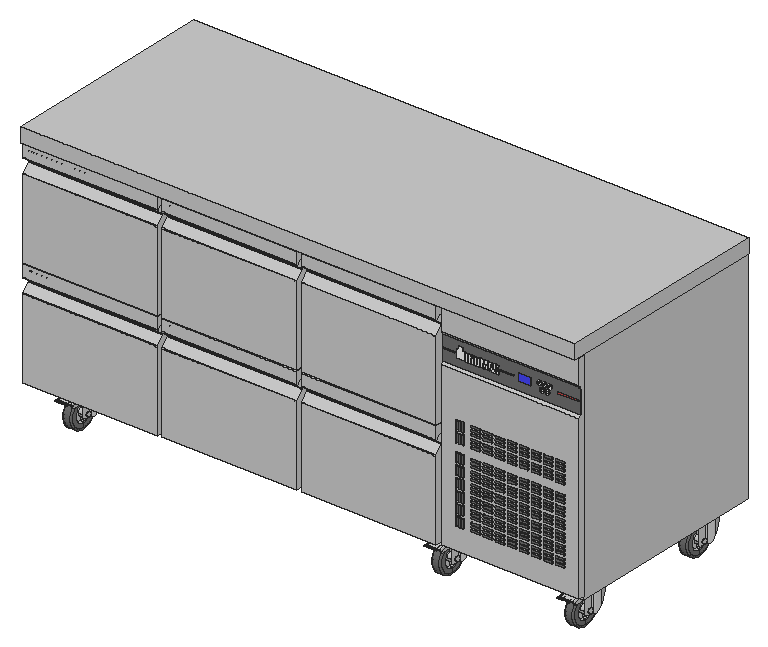
Revit family "QF_INOMAK_PNRP999_250513020157", category Specialty Equipment, Revit 2021 (continued)
Definition of nested family "QF_INOMAK_REF_COUNTERS_1790_2920"
  Definition of nested family "QF_INOMAK_CONRTOL-PANEL"
    Forms (mm)
      Extrusion 1, solid
        sketch origin (-2240, -700, 0) x (-1, 0, 0) y (0, 0, 1)
          loop
            arc (-2035.4, 210.855) -> (-2038.4, 207.855) -> (-2035.4, 204.855) r 3
            line (-2035.4, 204.855) -> (-2011.4, 204.855)
            arc (-2011.4, 204.855) -> (-2008.4, 207.855) -> (-2011.4, 210.855) r 3
            line (-2011.4, 210.855) -> (-2035.4, 210.855)
          loop
            arc (-1996.4, 210.855) -> (-1999.4, 207.855) -> (-1996.4, 204.855) r 3
            line (-1996.4, 204.855) -> (-1972.4, 204.855)
            arc (-1972.4, 204.855) -> (-1969.4, 207.855) -> (-1972.4, 210.855) r 3
            line (-1972.4, 210.855) -> (-1996.4, 210.855)
          loop
            arc (-1957.4, 210.855) -> (-1960.4, 207.855) -> (-1957.4, 204.855) r 3
            line (-1957.4, 204.855) -> (-1933.4, 204.855)
            arc (-1933.4, 204.855) -> (-1930.4, 207.855) -> (-1933.4, 210.855) r 3
            line (-1933.4, 210.855) -> (-1957.4, 210.855)
          loop
            arc (-1918.4, 210.855) -> (-1921.4, 207.855) -> (-1918.4, 204.855) r 3
            line (-1918.4, 204.855) -> (-1894.4, 204.855)
            arc (-1894.4, 204.855) -> (-1891.4, 207.855) -> (-1894.4, 210.855) r 3
            line (-1894.4, 210.855) -> (-1918.4, 210.855)
          loop
            arc (-2191.4, 199.855) -> (-2194.4, 196.855) -> (-2191.4, 193.855) r 3
            line (-2191.4, 193.855) -> (-2167.4, 193.855)
            arc (-2167.4, 193.855) -> (-2164.4, 196.855) -> (-2167.4, 199.855) r 3
            line (-2167.4, 199.855) -> (-2191.4, 199.855)
          loop
            arc (-2152.4, 199.855) -> (-2155.4, 196.855) -> (-2152.4, 193.855) r 3
            line (-2152.4, 193.855) -> (-2128.4, 193.855)
            arc (-2128.4, 193.855) -> (-2125.4, 196.855) -> (-2128.4, 199.855) r 3
            line (-2128.4, 199.855) -> (-2152.4, 199.855)
          loop
            arc (-2113.4, 199.855) -> (-2116.4, 196.855) -> (-2113.4, 193.855) r 3
            line (-2113.4, 193.855) -> (-2089.4, 193.855)
            arc (-2089.4, 193.855) -> (-2086.4, 196.855) -> (-2089.4, 199.855) r 3
            line (-2089.4, 199.855) -> (-2113.4, 199.855)
          loop
            arc (-2074.4, 199.855) -> (-2077.4, 196.855) -> (-2074.4, 193.855) r 3
            line (-2074.4, 193.855) -> (-2050.4, 193.855)
            arc (-2050.4, 193.855) -> (-2047.4, 196.855) -> (-2050.4, 199.855) r 3
            line (-2050.4, 199.855) -> (-2074.4, 199.855)
          loop
            arc (-2035.4, 199.855) -> (-2038.4, 196.855) -> (-2035.4, 193.855) r 3
            line (-2035.4, 193.855) -> (-2011.4, 193.855)
            arc (-2011.4, 193.855) -> (-2008.4, 196.855) -> (-2011.4, 199.855) r 3
            line (-2011.4, 199.855) -> (-2035.4, 199.855)
          loop
            arc (-1996.4, 199.855) -> (-1999.4, 196.855) -> (-1996.4, 193.855) r 3
            line (-1996.4, 193.855) -> (-1972.4, 193.855)
            arc (-1972.4, 193.855) -> (-1969.4, 196.855) -> (-1972.4, 199.855) r 3
            line (-1972.4, 199.855) -> (-1996.4, 199.855)
          loop
            arc (-1957.4, 199.855) -> (-1960.4, 196.855) -> (-1957.4, 193.855) r 3
            line (-1957.4, 193.855) -> (-1933.4, 193.855)
            arc (-1933.4, 193.855) -> (-1930.4, 196.855) -> (-1933.4, 199.855) r 3
            line (-1933.4, 199.855) -> (-1957.4, 199.855)
          loop
            arc (-1918.4, 199.855) -> (-1921.4, 196.855) -> (-1918.4, 193.855) r 3
            line (-1918.4, 193.855) -> (-1894.4, 193.855)
            arc (-1894.4, 193.855) -> (-1891.4, 196.855) -> (-1894.4, 199.855) r 3
            line (-1894.4, 199.855) -> (-1918.4, 199.855)
          loop
            arc (-2191.4, 184.855) -> (-2194.4, 181.855) -> (-2191.4, 178.855) r 3
            line (-2191.4, 178.855) -> (-2167.4, 178.855)
            arc (-2167.4, 178.855) -> (-2164.4, 181.855) -> (-2167.4, 184.855) r 3
            line (-2167.4, 184.855) -> (-2191.4, 184.855)
          loop
            arc (-2152.4, 184.855) -> (-2155.4, 181.855) -> (-2152.4, 178.855) r 3
            line (-2152.4, 178.855) -> (-2128.4, 178.855)
            arc (-2128.4, 178.855) -> (-2125.4, 181.855) -> (-2128.4, 184.855) r 3
            line (-2128.4, 184.855) -> (-2152.4, 184.855)
          loop
            arc (-2113.4, 184.855) -> (-2116.4, 181.855) -> (-2113.4, 178.855) r 3
            line (-2113.4, 178.855) -> (-2089.4, 178.855)
            arc (-2089.4, 178.855) -> (-2086.4, 181.855) -> (-2089.4, 184.855) r 3
            line (-2089.4, 184.855) -> (-2113.4, 184.855)
          loop
            arc (-2074.4, 184.855) -> (-2077.4, 181.855) -> (-2074.4, 178.855) r 3
            line (-2074.4, 178.855) -> (-2050.4, 178.855)
            arc (-2050.4, 178.855) -> (-2047.4, 181.855) -> (-2050.4, 184.855) r 3
            line (-2050.4, 184.855) -> (-2074.4, 184.855)
          loop
            arc (-2035.4, 184.855) -> (-2038.4, 181.855) -> (-2035.4, 178.855) r 3
            line (-2035.4, 178.855) -> (-2011.4, 178.855)
            arc (-2011.4, 178.855) -> (-2008.4, 181.855) -> (-2011.4, 184.855) r 3
            line (-2011.4, 184.855) -> (-2035.4, 184.855)
          loop
            arc (-1996.4, 184.855) -> (-1999.4, 181.855) -> (-1996.4, 178.855) r 3
            line (-1996.4, 178.855) -> (-1972.4, 178.855)
            arc (-1972.4, 178.855) -> (-1969.4, 181.855) -> (-1972.4, 184.855) r 3
            line (-1972.4, 184.855) -> (-1996.4, 184.855)
          loop
            arc (-1957.4, 184.855) -> (-1960.4, 181.855) -> (-1957.4, 178.855) r 3
            line (-1957.4, 178.855) -> (-1933.4, 178.855)
            arc (-1933.4, 178.855) -> (-1930.4, 181.855) -> (-1933.4, 184.855) r 3
            line (-1933.4, 184.855) -> (-1957.4, 184.855)
          loop
            arc (-1918.4, 184.855) -> (-1921.4, 181.855) -> (-1918.4, 178.855) r 3
            line (-1918.4, 178.855) -> (-1894.4, 178.855)
            arc (-1894.4, 178.855) -> (-1891.4, 181.855) -> (-1894.4, 184.855) r 3
            line (-1894.4, 184.855) -> (-1918.4, 184.855)
          loop
            arc (-2191.4, 173.855) -> (-2194.4, 170.855) -> (-2191.4, 167.855) r 3
            line (-2191.4, 167.855) -> (-2167.4, 167.855)
            arc (-2167.4, 167.855) -> (-2164.4, 170.855) -> (-2167.4, 173.855) r 3
            line (-2167.4, 173.855) -> (-2191.4, 173.855)
          loop
            arc (-2152.4, 173.855) -> (-2155.4, 170.855) -> (-2152.4, 167.855) r 3
            line (-2152.4, 167.855) -> (-2128.4, 167.855)
            arc (-2128.4, 167.855) -> (-2125.4, 170.855) -> (-2128.4, 173.855) r 3
            line (-2128.4, 173.855) -> (-2152.4, 173.855)
          loop
            arc (-2113.4, 173.855) -> (-2116.4, 170.855) -> (-2113.4, 167.855) r 3
            line (-2113.4, 167.855) -> (-2089.4, 167.855)
            arc (-2089.4, 167.855) -> (-2086.4, 170.855) -> (-2089.4, 173.855) r 3
            line (-2089.4, 173.855) -> (-2113.4, 173.855)
          loop
            arc (-2074.4, 173.855) -> (-2077.4, 170.855) -> (-2074.4, 167.855) r 3
            line (-2074.4, 167.855) -> (-2050.4, 167.855)
            arc (-2050.4, 167.855) -> (-2047.4, 170.855) -> (-2050.4, 173.855) r 3
            line (-2050.4, 173.855) -> (-2074.4, 173.855)
          loop
            arc (-2035.4, 173.855) -> (-2038.4, 170.855) -> (-2035.4, 167.855) r 3
            line (-2035.4, 167.855) -> (-2011.4, 167.855)
            arc (-2011.4, 167.855) -> (-2008.4, 170.855) -> (-2011.4, 173.855) r 3
            line (-2011.4, 173.855) -> (-2035.4, 173.855)
          loop
            arc (-1996.4, 173.855) -> (-1999.4, 170.855) -> (-1996.4, 167.855) r 3
            line (-1996.4, 167.855) -> (-1972.4, 167.855)
            arc (-1972.4, 167.855) -> (-1969.4, 170.855) -> (-1972.4, 173.855) r 3
            line (-1972.4, 173.855) -> (-1996.4, 173.855)
          loop
            arc (-1957.4, 173.855) -> (-1960.4, 170.855) -> (-1957.4, 167.855) r 3
            line (-1957.4, 167.855) -> (-1933.4, 167.855)
            arc (-1933.4, 167.855) -> (-1930.4, 170.855) -> (-1933.4, 173.855) r 3
            line (-1933.4, 173.855) -> (-1957.4, 173.855)
          loop
            arc (-1918.4, 173.855) -> (-1921.4, 170.855) -> (-1918.4, 167.855) r 3
            line (-1918.4, 167.855) -> (-1894.4, 167.855)
            arc (-1894.4, 167.855) -> (-1891.4, 170.855) -> (-1894.4, 173.855) r 3
            line (-1894.4, 173.855) -> (-1918.4, 173.855)
          loop
            arc (-2191.4, 162.855) -> (-2194.4, 159.855) -> (-2191.4, 156.855) r 3
            line (-2191.4, 156.855) -> (-2167.4, 156.855)
            arc (-2167.4, 156.855) -> (-2164.4, 159.855) -> (-2167.4, 162.855) r 3
            line (-2167.4, 162.855) -> (-2191.4, 162.855)
          loop
            arc (-2152.4, 162.855) -> (-2155.4, 159.855) -> (-2152.4, 156.855) r 3
            line (-2152.4, 156.855) -> (-2128.4, 156.855)
            arc (-2128.4, 156.855) -> (-2125.4, 159.855) -> (-2128.4, 162.855) r 3
            line (-2128.4, 162.855) -> (-2152.4, 162.855)
          loop
            arc (-2113.4, 162.855) -> (-2116.4, 159.855) -> (-2113.4, 156.855) r 3
            line (-2113.4, 156.855) -> (-2089.4, 156.855)
            arc (-2089.4, 156.855) -> (-2086.4, 159.855) -> (-2089.4, 162.855) r 3
            line (-2089.4, 162.855) -> (-2113.4, 162.855)
          loop
            arc (-2074.4, 162.855) -> (-2077.4, 159.855) -> (-2074.4, 156.855) r 3
            line (-2074.4, 156.855) -> (-2050.4, 156.855)
            arc (-2050.4, 156.855) -> (-2047.4, 159.855) -> (-2050.4, 162.855) r 3
            line (-2050.4, 162.855) -> (-2074.4, 162.855)
          loop
            arc (-2035.4, 162.855) -> (-2038.4, 159.855) -> (-2035.4, 156.855) r 3
            line (-2035.4, 156.855) -> (-2011.4, 156.855)
            arc (-2011.4, 156.855) -> (-2008.4, 159.855) -> (-2011.4, 162.855) r 3
            line (-2011.4, 162.855) -> (-2035.4, 162.855)
          loop
            arc (-1996.4, 162.855) -> (-1999.4, 159.855) -> (-1996.4, 156.855) r 3
            line (-1996.4, 156.855) -> (-1972.4, 156.855)
            arc (-1972.4, 156.855) -> (-1969.4, 159.855) -> (-1972.4, 162.855) r 3
            line (-1972.4, 162.855) -> (-1996.4, 162.855)
          loop
            arc (-1957.4, 162.855) -> (-1960.4, 159.855) -> (-1957.4, 156.855) r 3
            line (-1957.4, 156.855) -> (-1933.4, 156.855)
            arc (-1933.4, 156.855) -> (-1930.4, 159.855) -> (-1933.4, 162.855) r 3
            line (-1933.4, 162.855) -> (-1957.4, 162.855)
          loop
            arc (-1918.4, 162.855) -> (-1921.4, 159.855) -> (-1918.4, 156.855) r 3
            line (-1918.4, 156.855) -> (-1894.4, 156.855)
            arc (-1894.4, 156.855) -> (-1891.4, 159.855) -> (-1894.4, 162.855) r 3
            line (-1894.4, 162.855) -> (-1918.4, 162.855)
          loop
            arc (-2191.4, 147.855) -> (-2194.4, 144.855) -> (-2191.4, 141.855) r 3
            line (-2191.4, 141.855) -> (-2167.4, 141.855)
            arc (-2167.4, 141.855) -> (-2164.4, 144.855) -> (-2167.4, 147.855) r 3
            line (-2167.4, 147.855) -> (-2191.4, 147.855)
          loop
            arc (-2152.4, 147.855) -> (-2155.4, 144.855) -> (-2152.4, 141.855) r 3
            line (-2152.4, 141.855) -> (-2128.4, 141.855)
            arc (-2128.4, 141.855) -> (-2125.4, 144.855) -> (-2128.4, 147.855) r 3
            line (-2128.4, 147.855) -> (-2152.4, 147.855)
          loop
            arc (-2113.4, 147.855) -> (-2116.4, 144.855) -> (-2113.4, 141.855) r 3
            line (-2113.4, 141.855) -> (-2089.4, 141.855)
            arc (-2089.4, 141.855) -> (-2086.4, 144.855) -> (-2089.4, 147.855) r 3
            line (-2089.4, 147.855) -> (-2113.4, 147.855)
          loop
            arc (-2074.4, 147.855) -> (-2077.4, 144.855) -> (-2074.4, 141.855) r 3
            line (-2074.4, 141.855) -> (-2050.4, 141.855)
            arc (-2050.4, 141.855) -> (-2047.4, 144.855) -> (-2050.4, 147.855) r 3
            line (-2050.4, 147.855) -> (-2074.4, 147.855)
          loop
            arc (-2035.4, 147.855) -> (-2038.4, 144.855) -> (-2035.4, 141.855) r 3
            line (-2035.4, 141.855) -> (-2011.4, 141.855)
            arc (-2011.4, 141.855) -> (-2008.4, 144.855) -> (-2011.4, 147.855) r 3
            line (-2011.4, 147.855) -> (-2035.4, 147.855)
          loop
            arc (-1996.4, 147.855) -> (-1999.4, 144.855) -> (-1996.4, 141.855) r 3
            line (-1996.4, 141.855) -> (-1972.4, 141.855)
            arc (-1972.4, 141.855) -> (-1969.4, 144.855) -> (-1972.4, 147.855) r 3
            line (-1972.4, 147.855) -> (-1996.4, 147.855)
          loop
            arc (-1957.4, 147.855) -> (-1960.4, 144.855) -> (-1957.4, 141.855) r 3
            line (-1957.4, 141.855) -> (-1933.4, 141.855)
            arc (-1933.4, 141.855) -> (-1930.4, 144.855) -> (-1933.4, 147.855) r 3
            line (-1933.4, 147.855) -> (-1957.4, 147.855)
          loop
            arc (-1918.4, 147.855) -> (-1921.4, 144.855) -> (-1918.4, 141.855) r 3
            line (-1918.4, 141.855) -> (-1894.4, 141.855)
            arc (-1894.4, 141.855) -> (-1891.4, 144.855) -> (-1894.4, 147.855) r 3
            line (-1894.4, 147.855) -> (-1918.4, 147.855)
          loop
            arc (-2191.4, 136.855) -> (-2194.4, 133.855) -> (-2191.4, 130.855) r 3
            line (-2191.4, 130.855) -> (-2167.4, 130.855)
            arc (-2167.4, 130.855) -> (-2164.4, 133.855) -> (-2167.4, 136.855) r 3
            line (-2167.4, 136.855) -> (-2191.4, 136.855)
          loop
            arc (-2152.4, 136.855) -> (-2155.4, 133.855) -> (-2152.4, 130.855) r 3
            line (-2152.4, 130.855) -> (-2128.4, 130.855)
            arc (-2128.4, 130.855) -> (-2125.4, 133.855) -> (-2128.4, 136.855) r 3
            line (-2128.4, 136.855) -> (-2152.4, 136.855)
          loop
            arc (-2113.4, 136.855) -> (-2116.4, 133.855) -> (-2113.4, 130.855) r 3
            line (-2113.4, 130.855) -> (-2089.4, 130.855)
            arc (-2089.4, 130.855) -> (-2086.4, 133.855) -> (-2089.4, 136.855) r 3
            line (-2089.4, 136.855) -> (-2113.4, 136.855)
          loop
            arc (-2074.4, 136.855) -> (-2077.4, 133.855) -> (-2074.4, 130.855) r 3
            line (-2074.4, 130.855) -> (-2050.4, 130.855)
            arc (-2050.4, 130.855) -> (-2047.4, 133.855) -> (-2050.4, 136.855) r 3
            line (-2050.4, 136.855) -> (-2074.4, 136.855)
          loop
            arc (-2035.4, 136.855) -> (-2038.4, 133.855) -> (-2035.4, 130.855) r 3
            line (-2035.4, 130.855) -> (-2011.4, 130.855)
            arc (-2011.4, 130.855) -> (-2008.4, 133.855) -> (-2011.4, 136.855) r 3
            line (-2011.4, 136.855) -> (-2035.4, 136.855)
          loop
            arc (-1996.4, 136.855) -> (-1999.4, 133.855) -> (-1996.4, 130.855) r 3
            line (-1996.4, 130.855) -> (-1972.4, 130.855)
            arc (-1972.4, 130.855) -> (-1969.4, 133.855) -> (-1972.4, 136.855) r 3
            line (-1972.4, 136.855) -> (-1996.4, 136.855)
          loop
            arc (-1957.4, 136.855) -> (-1960.4, 133.855) -> (-1957.4, 130.855) r 3
            line (-1957.4, 130.855) -> (-1933.4, 130.855)
            arc (-1933.4, 130.855) -> (-1930.4, 133.855) -> (-1933.4, 136.855) r 3
            line (-1933.4, 136.855) -> (-1957.4, 136.855)
          loop
            arc (-1918.4, 136.855) -> (-1921.4, 133.855) -> (-1918.4, 130.855) r 3
            line (-1918.4, 130.855) -> (-1894.4, 130.855)
            arc (-1894.4, 130.855) -> (-1891.4, 133.855) -> (-1894.4, 136.855) r 3
            line (-1894.4, 136.855) -> (-1918.4, 136.855)
          loop
            arc (-2191.4, 125.855) -> (-2194.4, 122.855) -> (-2191.4, 119.855) r 3
            line (-2191.4, 119.855) -> (-2167.4, 119.855)
            arc (-2167.4, 119.855) -> (-2164.4, 122.855) -> (-2167.4, 125.855) r 3
            line (-2167.4, 125.855) -> (-2191.4, 125.855)
          loop
            arc (-2152.4, 125.855) -> (-2155.4, 122.855) -> (-2152.4, 119.855) r 3
            line (-2152.4, 119.855) -> (-2128.4, 119.855)
            arc (-2128.4, 119.855) -> (-2125.4, 122.855) -> (-2128.4, 125.855) r 3
            line (-2128.4, 125.855) -> (-2152.4, 125.855)
          loop
            arc (-2113.4, 125.855) -> (-2116.4, 122.855) -> (-2113.4, 119.855) r 3
            line (-2113.4, 119.855) -> (-2089.4, 119.855)
            arc (-2089.4, 119.855) -> (-2086.4, 122.855) -> (-2089.4, 125.855) r 3
            line (-2089.4, 125.855) -> (-2113.4, 125.855)
          loop
            arc (-2074.4, 125.855) -> (-2077.4, 122.855) -> (-2074.4, 119.855) r 3
            line (-2074.4, 119.855) -> (-2050.4, 119.855)
            arc (-2050.4, 119.855) -> (-2047.4, 122.855) -> (-2050.4, 125.855) r 3
            line (-2050.4, 125.855) -> (-2074.4, 125.855)
          loop
            arc (-2035.4, 125.855) -> (-2038.4, 122.855) -> (-2035.4, 119.855) r 3
            line (-2035.4, 119.855) -> (-2011.4, 119.855)
            arc (-2011.4, 119.855) -> (-2008.4, 122.855) -> (-2011.4, 125.855) r 3
            line (-2011.4, 125.855) -> (-2035.4, 125.855)
          loop
            arc (-1996.4, 125.855) -> (-1999.4, 122.855) -> (-1996.4, 119.855) r 3
            line (-1996.4, 119.855) -> (-1972.4, 119.855)
            arc (-1972.4, 119.855) -> (-1969.4, 122.855) -> (-1972.4, 125.855) r 3
            line (-1972.4, 125.855) -> (-1996.4, 125.855)
          loop
            arc (-1957.4, 125.855) -> (-1960.4, 122.855) -> (-1957.4, 119.855) r 3
            line (-1957.4, 119.855) -> (-1933.4, 119.855)
            arc (-1933.4, 119.855) -> (-1930.4, 122.855) -> (-1933.4, 125.855) r 3
            line (-1933.4, 125.855) -> (-1957.4, 125.855)
          loop
            arc (-1918.4, 125.855) -> (-1921.4, 122.855) -> (-1918.4, 119.855) r 3
            line (-1918.4, 119.855) -> (-1894.4, 119.855)
            arc (-1894.4, 119.855) -> (-1891.4, 122.855) -> (-1894.4, 125.855) r 3
            line (-1894.4, 125.855) -> (-1918.4, 125.855)
          loop
            arc (-2191.4, 110.855) -> (-2194.4, 107.855) -> (-2191.4, 104.855) r 3
            line (-2191.4, 104.855) -> (-2167.4, 104.855)
            arc (-2167.4, 104.855) -> (-2164.4, 107.855) -> (-2167.4, 110.855) r 3
            line (-2167.4, 110.855) -> (-2191.4, 110.855)
          loop
            arc (-2152.4, 110.855) -> (-2155.4, 107.855) -> (-2152.4, 104.855) r 3
            line (-2152.4, 104.855) -> (-2128.4, 104.855)
            arc (-2128.4, 104.855) -> (-2125.4, 107.855) -> (-2128.4, 110.855) r 3
            line (-2128.4, 110.855) -> (-2152.4, 110.855)
          loop
            arc (-2113.4, 110.855) -> (-2116.4, 107.855) -> (-2113.4, 104.855) r 3
            line (-2113.4, 104.855) -> (-2089.4, 104.855)
            arc (-2089.4, 104.855) -> (-2086.4, 107.855) -> (-2089.4, 110.855) r 3
            line (-2089.4, 110.855) -> (-2113.4, 110.855)
          loop
            arc (-2074.4, 110.855) -> (-2077.4, 107.855) -> (-2074.4, 104.855) r 3
            line (-2074.4, 104.855) -> (-2050.4, 104.855)
            arc (-2050.4, 104.855) -> (-2047.4, 107.855) -> (-2050.4, 110.855) r 3
            line (-2050.4, 110.855) -> (-2074.4, 110.855)
          loop
            arc (-2035.4, 110.855) -> (-2038.4, 107.855) -> (-2035.4, 104.855) r 3
            line (-2035.4, 104.855) -> (-2011.4, 104.855)
            arc (-2011.4, 104.855) -> (-2008.4, 107.855) -> (-2011.4, 110.855) r 3
            line (-2011.4, 110.855) -> (-2035.4, 110.855)
          loop
            arc (-1996.4, 110.855) -> (-1999.4, 107.855) -> (-1996.4, 104.855) r 3
            line (-1996.4, 104.855) -> (-1972.4, 104.855)
            arc (-1972.4, 104.855) -> (-1969.4, 107.855) -> (-1972.4, 110.855) r 3
            line (-1972.4, 110.855) -> (-1996.4, 110.855)
          loop
            arc (-1957.4, 110.855) -> (-1960.4, 107.855) -> (-1957.4, 104.855) r 3
            line (-1957.4, 104.855) -> (-1933.4, 104.855)
            arc (-1933.4, 104.855) -> (-1930.4, 107.855) -> (-1933.4, 110.855) r 3
            line (-1933.4, 110.855) -> (-1957.4, 110.855)
          loop
            arc (-1918.4, 110.855) -> (-1921.4, 107.855) -> (-1918.4, 104.855) r 3
            line (-1918.4, 104.855) -> (-1894.4, 104.855)
            arc (-1894.4, 104.855) -> (-1891.4, 107.855) -> (-1894.4, 110.855) r 3
            line (-1894.4, 110.855) -> (-1918.4, 110.855)
          loop
            arc (-2191.4, 99.855) -> (-2194.4, 96.855) -> (-2191.4, 93.855) r 3
            line (-2191.4, 93.855) -> (-2167.4, 93.855)
            arc (-2167.4, 93.855) -> (-2164.4, 96.855) -> (-2167.4, 99.855) r 3
            line (-2167.4, 99.855) -> (-2191.4, 99.855)
          loop
            arc (-2152.4, 99.855) -> (-2155.4, 96.855) -> (-2152.4, 93.855) r 3
            line (-2152.4, 93.855) -> (-2128.4, 93.855)
            arc (-2128.4, 93.855) -> (-2125.4, 96.855) -> (-2128.4, 99.855) r 3
            line (-2128.4, 99.855) -> (-2152.4, 99.855)
          loop
            arc (-2113.4, 99.855) -> (-2116.4, 96.855) -> (-2113.4, 93.855) r 3
            line (-2113.4, 93.855) -> (-2089.4, 93.855)
            arc (-2089.4, 93.855) -> (-2086.4, 96.855) -> (-2089.4, 99.855) r 3
            line (-2089.4, 99.855) -> (-2113.4, 99.855)
          loop
            arc (-2074.4, 99.855) -> (-2077.4, 96.855) -> (-2074.4, 93.855) r 3
            line (-2074.4, 93.855) -> (-2050.4, 93.855)
            arc (-2050.4, 93.855) -> (-2047.4, 96.855) -> (-2050.4, 99.855) r 3
            line (-2050.4, 99.855) -> (-2074.4, 99.855)
          loop
            arc (-2035.4, 99.855) -> (-2038.4, 96.855) -> (-2035.4, 93.855) r 3
            line (-2035.4, 93.855) -> (-2011.4, 93.855)
            arc (-2011.4, 93.855) -> (-2008.4, 96.855) -> (-2011.4, 99.855) r 3
            line (-2011.4, 99.855) -> (-2035.4, 99.855)
          loop
            arc (-1996.4, 99.855) -> (-1999.4, 96.855) -> (-1996.4, 93.855) r 3
            line (-1996.4, 93.855) -> (-1972.4, 93.855)
            arc (-1972.4, 93.855) -> (-1969.4, 96.855) -> (-1972.4, 99.855) r 3
            line (-1972.4, 99.855) -> (-1996.4, 99.855)
          loop
            arc (-1957.4, 99.855) -> (-1960.4, 96.855) -> (-1957.4, 93.855) r 3
            line (-1957.4, 93.855) -> (-1933.4, 93.855)
            arc (-1933.4, 93.855) -> (-1930.4, 96.855) -> (-1933.4, 99.855) r 3
            line (-1933.4, 99.855) -> (-1957.4, 99.855)
          loop
            arc (-1918.4, 99.855) -> (-1921.4, 96.855) -> (-1918.4, 93.855) r 3
            line (-1918.4, 93.855) -> (-1894.4, 93.855)
            arc (-1894.4, 93.855) -> (-1891.4, 96.855) -> (-1894.4, 99.855) r 3
            line (-1894.4, 99.855) -> (-1918.4, 99.855)
          loop
            arc (-2191.4, 88.855) -> (-2194.4, 85.855) -> (-2191.4, 82.855) r 3
            line (-2191.4, 82.855) -> (-2167.4, 82.855)
            arc (-2167.4, 82.855) -> (-2164.4, 85.855) -> (-2167.4, 88.855) r 3
            line (-2167.4, 88.855) -> (-2191.4, 88.855)
          loop
            arc (-2152.4, 88.855) -> (-2155.4, 85.855) -> (-2152.4, 82.855) r 3
            line (-2152.4, 82.855) -> (-2128.4, 82.855)
            arc (-2128.4, 82.855) -> (-2125.4, 85.855) -> (-2128.4, 88.855) r 3
            line (-2128.4, 88.855) -> (-2152.4, 88.855)
          loop
            arc (-2113.4, 88.855) -> (-2116.4, 85.855) -> (-2113.4, 82.855) r 3
            line (-2113.4, 82.855) -> (-2089.4, 82.855)
            arc (-2089.4, 82.855) -> (-2086.4, 85.855) -> (-2089.4, 88.855) r 3
            line (-2089.4, 88.855) -> (-2113.4, 88.855)
          loop
            arc (-2074.4, 88.855) -> (-2077.4, 85.855) -> (-2074.4, 82.855) r 3
            line (-2074.4, 82.855) -> (-2050.4, 82.855)
            arc (-2050.4, 82.855) -> (-2047.4, 85.855) -> (-2050.4, 88.855) r 3
            line (-2050.4, 88.855) -> (-2074.4, 88.855)
          loop
            arc (-2035.4, 88.855) -> (-2038.4, 85.855) -> (-2035.4, 82.855) r 3
            line (-2035.4, 82.855) -> (-2011.4, 82.855)
            arc (-2011.4, 82.855) -> (-2008.4, 85.855) -> (-2011.4, 88.855) r 3
            line (-2011.4, 88.855) -> (-2035.4, 88.855)
          loop
            arc (-1996.4, 88.855) -> (-1999.4, 85.855) -> (-1996.4, 82.855) r 3
            line (-1996.4, 82.855) -> (-1972.4, 82.855)
            arc (-1972.4, 82.855) -> (-1969.4, 85.855) -> (-1972.4, 88.855) r 3
            line (-1972.4, 88.855) -> (-1996.4, 88.855)
          loop
            arc (-1957.4, 88.855) -> (-1960.4, 85.855) -> (-1957.4, 82.855) r 3
            line (-1957.4, 82.855) -> (-1933.4, 82.855)
            arc (-1933.4, 82.855) -> (-1930.4, 85.855) -> (-1933.4, 88.855) r 3
            line (-1933.4, 88.855) -> (-1957.4, 88.855)
          loop
            arc (-1918.4, 88.855) -> (-1921.4, 85.855) -> (-1918.4, 82.855) r 3
            line (-1918.4, 82.855) -> (-1894.4, 82.855)
            arc (-1894.4, 82.855) -> (-1891.4, 85.855) -> (-1894.4, 88.855) r 3
            line (-1894.4, 88.855) -> (-1918.4, 88.855)
          loop
            arc (-1840.4, 387.855) -> (-1843.4, 390.855) -> (-1846.4, 387.855) r 3
            line (-1846.4, 387.855) -> (-1846.4, 363.855)
            arc (-1846.4, 363.855) -> (-1843.4, 360.855) -> (-1840.4, 363.855) r 3
            line (-1840.4, 363.855) -> (-1840.4, 387.855)
          loop
            arc (-1851.4, 387.855) -> (-1854.4, 390.855) -> (-1857.4, 387.855) r 3
            line (-1857.4, 387.855) -> (-1857.4, 363.855)
            arc (-1857.4, 363.855) -> (-1854.4, 360.855) -> (-1851.4, 363.855) r 3
            line (-1851.4, 363.855) -> (-1851.4, 387.855)
          loop
            arc (-1862.4, 387.855) -> (-1865.4, 390.855) -> (-1868.4, 387.855) r 3
            line (-1868.4, 387.855) -> (-1868.4, 363.855)
            arc (-1868.4, 363.855) -> (-1865.4, 360.855) -> (-1862.4, 363.855) r 3
            line (-1862.4, 363.855) -> (-1862.4, 387.855)
          loop
            arc (-1840.4, 350.855) -> (-1843.4, 353.855) -> (-1846.4, 350.855) r 3
            line (-1846.4, 350.855) -> (-1846.4, 326.855)
            arc (-1846.4, 326.855) -> (-1843.4, 323.855) -> (-1840.4, 326.855) r 3
            line (-1840.4, 326.855) -> (-1840.4, 350.855)
          loop
            arc (-1851.4, 350.855) -> (-1854.4, 353.855) -> (-1857.4, 350.855) r 3
            line (-1857.4, 350.855) -> (-1857.4, 326.855)
            arc (-1857.4, 326.855) -> (-1854.4, 323.855) -> (-1851.4, 326.855) r 3
            line (-1851.4, 326.855) -> (-1851.4, 350.855)
          loop
            arc (-1862.4, 350.855) -> (-1865.4, 353.855) -> (-1868.4, 350.855) r 3
            line (-1868.4, 350.855) -> (-1868.4, 326.855)
            arc (-1868.4, 326.855) -> (-1865.4, 323.855) -> (-1862.4, 326.855) r 3
            line (-1862.4, 326.855) -> (-1862.4, 350.855)
          loop
            arc (-1840.4, 293.855) -> (-1843.4, 296.855) -> (-1846.4, 293.855) r 3
            line (-1846.4, 293.855) -> (-1846.4, 269.855)
            arc (-1846.4, 269.855) -> (-1843.4, 266.855) -> (-1840.4, 269.855) r 3
            line (-1840.4, 269.855) -> (-1840.4, 293.855)
          loop
            arc (-1851.4, 293.855) -> (-1854.4, 296.855) -> (-1857.4, 293.855) r 3
            line (-1857.4, 293.855) -> (-1857.4, 269.855)
            arc (-1857.4, 269.855) -> (-1854.4, 266.855) -> (-1851.4, 269.855) r 3
            line (-1851.4, 269.855) -> (-1851.4, 293.855)
          loop
            arc (-1862.4, 293.855) -> (-1865.4, 296.855) -> (-1868.4, 293.855) r 3
            line (-1868.4, 293.855) -> (-1868.4, 269.855)
            arc (-1868.4, 269.855) -> (-1865.4, 266.855) -> (-1862.4, 269.855) r 3
            line (-1862.4, 269.855) -> (-1862.4, 293.855)
          loop
            arc (-1840.4, 256.855) -> (-1843.4, 259.855) -> (-1846.4, 256.855) r 3
            line (-1846.4, 256.855) -> (-1846.4, 232.855)
            arc (-1846.4, 232.855) -> (-1843.4, 229.855) -> (-1840.4, 232.855) r 3
            line (-1840.4, 232.855) -> (-1840.4, 256.855)
          loop
            arc (-1851.4, 256.855) -> (-1854.4, 259.855) -> (-1857.4, 256.855) r 3
            line (-1857.4, 256.855) -> (-1857.4, 232.855)
            arc (-1857.4, 232.855) -> (-1854.4, 229.855) -> (-1851.4, 232.855) r 3
            line (-1851.4, 232.855) -> (-1851.4, 256.855)
          loop
            arc (-1862.4, 256.855) -> (-1865.4, 259.855) -> (-1868.4, 256.855) r 3
            line (-1868.4, 256.855) -> (-1868.4, 232.855)
            arc (-1868.4, 232.855) -> (-1865.4, 229.855) -> (-1862.4, 232.855) r 3
            line (-1862.4, 232.855) -> (-1862.4, 256.855)
          loop
            arc (-1840.4, 219.855) -> (-1843.4, 222.855) -> (-1846.4, 219.855) r 3
            line (-1846.4, 219.855) -> (-1846.4, 195.855)
            arc (-1846.4, 195.855) -> (-1843.4, 192.855) -> (-1840.4, 195.855) r 3
            line (-1840.4, 195.855) -> (-1840.4, 219.855)
          loop
            arc (-1851.4, 219.855) -> (-1854.4, 222.855) -> (-1857.4, 219.855) r 3
            line (-1857.4, 219.855) -> (-1857.4, 195.855)
            arc (-1857.4, 195.855) -> (-1854.4, 192.855) -> (-1851.4, 195.855) r 3
            line (-1851.4, 195.855) -> (-1851.4, 219.855)
          loop
            arc (-1862.4, 219.855) -> (-1865.4, 222.855) -> (-1868.4, 219.855) r 3
            line (-1868.4, 219.855) -> (-1868.4, 195.855)
            arc (-1868.4, 195.855) -> (-1865.4, 192.855) -> (-1862.4, 195.855) r 3
            line (-1862.4, 195.855) -> (-1862.4, 219.855)
          loop
            arc (-1840.4, 182.855) -> (-1843.4, 185.855) -> (-1846.4, 182.855) r 3
            line (-1846.4, 182.855) -> (-1846.4, 158.855)
            arc (-1846.4, 158.855) -> (-1843.4, 155.855) -> (-1840.4, 158.855) r 3
            line (-1840.4, 158.855) -> (-1840.4, 182.855)
          loop
            arc (-1851.4, 182.855) -> (-1854.4, 185.855) -> (-1857.4, 182.855) r 3
            line (-1857.4, 182.855) -> (-1857.4, 158.855)
            arc (-1857.4, 158.855) -> (-1854.4, 155.855) -> (-1851.4, 158.855) r 3
            line (-1851.4, 158.855) -> (-1851.4, 182.855)
          loop
            arc (-1862.4, 182.855) -> (-1865.4, 185.855) -> (-1868.4, 182.855) r 3
            line (-1868.4, 182.855) -> (-1868.4, 158.855)
            arc (-1868.4, 158.855) -> (-1865.4, 155.855) -> (-1862.4, 158.855) r 3
            line (-1862.4, 158.855) -> (-1862.4, 182.855)
          loop
            arc (-1840.4, 145.855) -> (-1843.4, 148.855) -> (-1846.4, 145.855) r 3
            line (-1846.4, 145.855) -> (-1846.4, 121.855)
            arc (-1846.4, 121.855) -> (-1843.4, 118.855) -> (-1840.4, 121.855) r 3
            line (-1840.4, 121.855) -> (-1840.4, 145.855)
          loop
            arc (-1851.4, 145.855) -> (-1854.4, 148.855) -> (-1857.4, 145.855) r 3
            line (-1857.4, 145.855) -> (-1857.4, 121.855)
            arc (-1857.4, 121.855) -> (-1854.4, 118.855) -> (-1851.4, 121.855) r 3
            line (-1851.4, 121.855) -> (-1851.4, 145.855)
          loop
            arc (-1862.4, 145.855) -> (-1865.4, 148.855) -> (-1868.4, 145.855) r 3
            line (-1868.4, 145.855) -> (-1868.4, 121.855)
            arc (-1868.4, 121.855) -> (-1865.4, 118.855) -> (-1862.4, 121.855) r 3
            line (-1862.4, 121.855) -> (-1862.4, 145.855)
          loop
            arc (-1840.4, 108.855) -> (-1843.4, 111.855) -> (-1846.4, 108.855) r 3
            line (-1846.4, 108.855) -> (-1846.4, 84.855)
            arc (-1846.4, 84.855) -> (-1843.4, 81.855) -> (-1840.4, 84.855) r 3
            line (-1840.4, 84.855) -> (-1840.4, 108.855)
          loop
            arc (-1851.4, 108.855) -> (-1854.4, 111.855) -> (-1857.4, 108.855) r 3
            line (-1857.4, 108.855) -> (-1857.4, 84.855)
            arc (-1857.4, 84.855) -> (-1854.4, 81.855) -> (-1851.4, 84.855) r 3
            line (-1851.4, 84.855) -> (-1851.4, 108.855)
          loop
            arc (-1862.4, 108.855) -> (-1865.4, 111.855) -> (-1868.4, 108.855) r 3
            line (-1868.4, 108.855) -> (-1868.4, 84.855)
            arc (-1868.4, 84.855) -> (-1865.4, 81.855) -> (-1862.4, 84.855) r 3
            line (-1862.4, 84.855) -> (-1862.4, 108.855)
        from 16.5 to 19
    Dimensions and locks
      "Length": plane 3 "Left" to plane 4 "Right"
      "Depth": plane 5 "Front" to plane 1 "Back"
      "Front offset": plane 7 "Front offset" to plane 5 "Front"
      "Height": plane 6 "Top" to plane 2
      aligned and locked: level to plane 2
    Automatic sketch dimensions
      plane 4 "Right" to Extrusion 1 sketch curve = 48.6 mm  (x3)
      Extrusion 1 sketch curve to Extrusion 1 sketch curve = 0 mm  (x322)
      Extrusion 1 sketch curve to Extrusion 1 sketch curve = 24 mm  (x53)
      Extrusion 1 sketch curve to Extrusion 1 sketch curve = 15 mm  (x52)
      Extrusion 1 sketch curve to Extrusion 1 sketch curve = 26 mm  (x7)
      Extrusion 1 sketch curve to Extrusion 1 sketch curve = 3 mm  (x216)
      Extrusion 1 sketch curve to Extrusion 1 sketch curve = 5 mm  (x144)
      level to Extrusion 1 sketch curve = 82.855 mm  (x2)
      Extrusion 1 sketch curve to Extrusion 1 sketch curve = 2 mm
      Extrusion 1 sketch curve to Extrusion 1 sketch curve = 9 mm  (x48)
      Extrusion 1 sketch curve to Extrusion 1 sketch curve = 13 mm  (x9)
      Extrusion 1 sketch curve to Extrusion 1 sketch curve = 29 mm  (x6)
      Extrusion 1 sketch curve to Extrusion 1 sketch curve = 33 mm
Definition of nested family "QF_INOMAK_REF_COUNTERS_DOORS_DRAWERS_6956"
  Parameters (values of type "DR-LX-710")
    Weight [instance] = 0.00 kg
    Warranty Start Date [instance] = ""
    Warranty Duration [instance] = ""
    URL Cutsheet [instance] = ""
    URL = "www.inomak.com"
    Top inset [instance] = 10 mm
    Technical Documentation [instance] = ""
    Tag Number [instance] = ""
    Status [instance] = ""
    Specification by User [instance] = ""
    Specification by Manufacturer [instance] = ""
    Sound Level [instance] = ""
    Solid Fuel Type [instance] = ""
    Show Logo [instance] = yes
    Show Clearances [instance] = yes
    Service Life Duration [instance] = ""
    Serial Number [instance] = ""
    Seismic Rating [instance] = ""
    SMACNA No [instance] = ""
    Right panel thickness [instance] = 0 mm
    Revision Code [instance] = ""
    Revision [instance] = ""
    Rear inset [instance] = 0 mm
    Production Year [instance] = ""
    Point Load [instance] = 0
    Plinth height [instance] = 0 mm
    Other Equipment Approvals [instance] = ""
    NAFEM Spec ID Number [instance] = ""
    Model Warning [instance] = ""
    Model = "DR-LX-710"
    Masterspec [instance] = ""
    Manufacturer = "INOMAK"
    Length Actual [instance] = 435 mm
    Left panel thickness [instance] = 0 mm
    Item Number [instance] = ""
    Installed By [instance] = ""
    Installation Date [instance] = ""
    Identify Quantity as Lot [instance] = yes
    ID [instance] = ""
    Hygiene Approval [instance] = ""
    Height Actual [instance] = 710 mm
    Furnished By [instance] = ""
    Front inset [instance] = 10 mm
    Foodservice Equipment Identifier [instance] = yes
    Finish [instance] = none
    ETL Approved [instance] = yes
    Doors drawers type [instance] = 8
    Description = "LEFT HINGED DOOR"
    Depth Actual [instance] = 700 mm
    Default Elevation = 0 mm
    CSI MasterFormat [instance] = ""
    CE Approved [instance] = yes
    Bottom inset [instance] = 10 mm
    Barcode [instance] = ""
    Author [instance] = ""
    Asset Identifier [instance] = ""
    Assembly Code = "E1090320"
    Accessory [instance] = yes
  Types (9, lengths in mm): name | Model | Height Actual | Doors drawers type | Description
    DW-2-710 | "DW-2-710" | 710 | 4 | "2 X GN 1/2 DRAWERS"
    DR-LX-710 | "DR-LX-710" | 710 | 8 | "LEFT HINGED DOOR"
    DR-RX-710 | "DR-RX-710" | 710 | 9 | "RIGHT HINGED DOOR"
    DW-3-710 | "DW-3-710" | 710 | 6 | "3 X GN 1/3 DRAWERS"
    DW-B-710 | "DW-B-710" | 710 | 5 | "1 X GN 1/3 & 1 X GN 2/3 DRAWERS"
    DW-2-483 | "DW-2-483" | 483 | 4 | "2 X GN 1/3 DRAWERS"
    DR-LX-483 | "DR-LX-483" | 483 | 8 | "LEFT HINGED DOOR"
    DR-RX-483 | "DR-RX-483" | 483 | 9 | "RIGHT HINGED DOOR"
    DW-1-483 | "DW-1-483" | 483 | 10 | "1 X GN 2/3 DRAWER"
  Reference planes
    plane 1 "Front": y = 0
    plane 2: z = 0
    plane 3 "Left": x = 0
    plane 4 "Right": x = 435
    plane 5 "Back": y = 700
    plane 6 "Top": z = 710
    plane 7 "Bottom shelf": z = 0
    plane 8: z = 700
    plane 9: z = 10
    plane 10: x = 0
    plane 11: x = 435
    plane 12 "Center Top Bottom": z = 355
  Lines and regions (mm)
    reference lines
      curve 1: line (0, 0, 355) -> (0, 25, 355)
      curve 2: line (435, 0, 355) -> (435, 25, 355)
      curve 3: line (0, 700, 355) -> (435, 700, 355)
      curve 4: line (0, 0, 355) -> (435, 0, 355)
  Dimensions and locks
    "Length Actual": plane 3 "Left" to plane 4 "Right"
    "Depth Actual": plane 1 "Front" to plane 5 "Back"
    "Height Actual": plane 6 "Top" to plane 7 "Bottom shelf"
    "Plinth height": plane 7 "Bottom shelf" to plane 2
    "Top inset": plane 6 "Top" to plane 8
    "Bottom inset": plane 9 to plane 7 "Bottom shelf"
    "Left panel thickness": plane 3 "Left" to plane 10
    "Right panel thickness": plane 11 to plane 4 "Right"
    equal spacing: plane 6 "Top", plane 12 "Center Top Bottom", plane 7 "Bottom shelf"
    "Length Actual": curve 1 to plane 4 "Right"
    "Length Actual": plane 3 "Left" to curve 2
    "Depth Actual": plane 1 "Front" to curve 3
    "Depth Actual": plane 5 "Back" to curve 4
    aligned and locked: level to plane 2
    aligned and locked: plane 3 "Left" to nested 1
    aligned and locked: plane 3 "Left" to nested 2
    aligned and locked: plane 3 "Left" to nested 3
    aligned and locked: plane 3 "Left" to nested 4
    aligned and locked: plane 3 "Left" to nested 5
    aligned and locked: plane 3 "Left" to nested 6
    aligned and locked: plane 3 "Left" to nested 7
    aligned and locked: plane 3 "Left" to nested 8
    aligned and locked: plane 3 "Left" to nested 9
    aligned and locked: nested 4 to plane 1 "Front"
    aligned and locked: nested 6 to plane 1 "Front"
    aligned and locked: nested 8 to plane 1 "Front"
    aligned and locked: nested 5 to plane 1 "Front"
    aligned and locked: nested 3 to plane 1 "Front"
    aligned and locked: nested 7 to plane 1 "Front"
    aligned and locked: nested 2 to plane 1 "Front"
    aligned and locked: nested 1 to plane 1 "Front"
    aligned and locked: nested 9 to plane 1 "Front"
  Automatic sketch dimensions
    curve 3 to plane 4 "Right" = 0 mm
    curve 3 to plane 3 "Left" = 0 mm
    curve 2 to curve 2 = 25 mm
    curve 1 to curve 1 = 25 mm
  Nested families
    nested 1: "Right_Door" at (0, 700, 0), Depth Actual <- "Depth Actual", Height Actual <- "Height Actual", Length Actual <- "Length Actual", Front inset <- "Front inset", Rear inset <- "Rear inset", Left panel thickness <- "Left panel thickness", Right panel thickness <- "Right panel thickness", Doors drawers type <- "Doors drawers type", Plinth height <- "Plinth height", Top inset <- "Top inset", Bottom inset <- "Bottom inset", type "Right door"
      with Top inset 10 mm, Right panel thickness 0 mm, Right hand hinged door no, Rear inset 0 mm, Plinth height 0 mm, Length Actual 435 mm, Left panel thickness 0 mm, Height Actual 710 mm, Front inset 10 mm, Doors drawers type 8, Depth Actual 700 mm, Bottom inset 10 mm
    nested 2: "Left_Door" at (0, 700, 0), Depth Actual <- "Depth Actual", Height Actual <- "Height Actual", Length Actual <- "Length Actual", Front inset <- "Front inset", Rear inset <- "Rear inset", Left panel thickness <- "Left panel thickness", Right panel thickness <- "Right panel thickness", Doors drawers type <- "Doors drawers type", Plinth height <- "Plinth height", Top inset <- "Top inset", Bottom inset <- "Bottom inset", type "Left door"
      with Top inset 10 mm, Right panel thickness 0 mm, Rear inset 0 mm, Plinth height 0 mm, Length Actual 435 mm, Left panel thickness 0 mm, Left hand hinged door yes, Height Actual 710 mm, Front inset 10 mm, Doors drawers type 8, Depth Actual 700 mm, Bottom inset 10 mm
    nested 3: "3_Drawers_1-3" at (0, 700, 0), Depth Actual <- "Depth Actual", Height Actual <- "Height Actual", Length Actual <- "Length Actual", Front inset <- "Front inset", Rear inset <- "Rear inset", Left panel thickness <- "Left panel thickness", Right panel thickness <- "Right panel thickness", Doors drawers type <- "Doors drawers type", Plinth height <- "Plinth height", Top inset <- "Top inset", Bottom inset <- "Bottom inset", type "3 Drawers 1-3"
      with Top inset 10 mm, Right panel thickness 0 mm, Rear inset 0 mm, Plinth height 0 mm, Length Actual 435 mm, Left panel thickness 0 mm, Height Actual 710 mm, Front inset 10 mm, Doors drawers type 8, Depth Actual 700 mm, Bottom inset 10 mm, 3 Drawers no
    nested 4: "2_Drawers_1-2" at (0, 700, 0), Depth Actual <- "Depth Actual", Height Actual <- "Height Actual", Length Actual <- "Length Actual", Front inset <- "Front inset", Rear inset <- "Rear inset", Left panel thickness <- "Left panel thickness", Right panel thickness <- "Right panel thickness", Doors drawers type <- "Doors drawers type", Plinth height <- "Plinth height", Top inset <- "Top inset", Bottom inset <- "Bottom inset", type "2 Drawers 1-2"
      with Top inset 10 mm, Right panel thickness 0 mm, Rear inset 0 mm, Plinth height 0 mm, Length Actual 435 mm, Left panel thickness 0 mm, Height Actual 710 mm, Front inset 10 mm, Doors drawers type 8, Depth Actual 700 mm, Bottom inset 10 mm, 2 Drawers no
    nested 5: "2_Drawers_1-3_2-3" at (0, 700, 0), Depth Actual <- "Depth Actual", Height Actual <- "Height Actual", Length Actual <- "Length Actual", Front inset <- "Front inset", Rear inset <- "Rear inset", Left panel thickness <- "Left panel thickness", Right panel thickness <- "Right panel thickness", Doors drawers type <- "Doors drawers type", Plinth height <- "Plinth height", Top inset <- "Top inset", Bottom inset <- "Bottom inset", type "2 Drawers 1-3 and 2-3"
      with Top inset 10 mm, Right panel thickness 0 mm, Rear inset 0 mm, Plinth height 0 mm, Length Actual 435 mm, Left panel thickness 0 mm, Height Actual 710 mm, Front inset 10 mm, Doors drawers type 8, Depth Actual 700 mm, Bottom inset 10 mm, 2 Drawers 1-3 and 2-3 no
    nested 6: "Sliding_Doors" at (0, 700, 0), Depth Actual <- "Depth Actual", Height Actual <- "Height Actual", Length Actual <- "Length Actual", Front inset <- "Front inset", Rear inset <- "Rear inset", Left panel thickness <- "Left panel thickness", Right panel thickness <- "Right panel thickness", Doors drawers type <- "Doors drawers type", Plinth height <- "Plinth height", Top inset <- "Top inset", Bottom inset <- "Bottom inset", Finish <- "Finish", type "Sliding doors"
      with Top inset 10 mm, Sliding doors no, Right panel thickness 0 mm, Rear inset 0 mm, Plinth height 0 mm, Length Actual 435 mm, Left panel thickness 0 mm, Height Actual 710 mm, Front inset 10 mm, Finish none, Doors drawers type 8, Depth Actual 700 mm, Bottom inset 10 mm
    nested 7: "4_Drawers_1-4" at (0, 700, 0), Depth Actual <- "Depth Actual", Height Actual <- "Height Actual", Length Actual <- "Length Actual", Front inset <- "Front inset", Rear inset <- "Rear inset", Left panel thickness <- "Left panel thickness", Right panel thickness <- "Right panel thickness", Doors drawers type <- "Doors drawers type", Plinth height <- "Plinth height", Top inset <- "Top inset", Bottom inset <- "Bottom inset", Finish <- "Finish", type "4 Drawers 1-4"
      with Top inset 10 mm, Right panel thickness 0 mm, Rear inset 0 mm, Plinth height 0 mm, Length Actual 435 mm, Left panel thickness 0 mm, Height Actual 710 mm, Front inset 10 mm, Finish none, Doors drawers type 8, Depth Actual 700 mm, Bottom inset 10 mm, 4 Drawers no
    nested 8: "Hinged_Doors" at (0, 700, 0), Length Actual <- "Length Actual", Depth Actual <- "Depth Actual", Height Actual <- "Height Actual", Front inset <- "Front inset", Rear inset <- "Rear inset", Left panel thickness <- "Left panel thickness", Right panel thickness <- "Right panel thickness", Doors drawers type <- "Doors drawers type", Plinth height <- "Plinth height", Top inset <- "Top inset", Bottom inset <- "Bottom inset", Finish <- "Finish", type "Hinged doors"
      with Top inset 10 mm, Right panel thickness 0 mm, Rear inset 0 mm, Plinth height 0 mm, Length Actual 435 mm, Left panel thickness 0 mm, Hinged doors no, Height Actual 710 mm, Front inset 10 mm, Finish none, Doors drawers type 8, Depth Actual 700 mm, Bottom inset 10 mm
    nested 9: "Hopper" at (0, 700, 1.284), Length Actual <- "Length Actual", Depth Actual <- "Depth Actual", Height Actual <- "Height Actual", Front inset <- "Front inset", Rear inset <- "Rear inset", Left panel thickness <- "Left panel thickness", Right panel thickness <- "Right panel thickness", Doors drawers type <- "Doors drawers type", Plinth height <- "Plinth height", Top inset <- "Top inset", Bottom inset <- "Bottom inset", Finish <- "Finish", type "Hopper"
      with Top inset 10 mm, Right panel thickness 0 mm, Rear inset 0 mm, Plinth height 0 mm, Length Actual 435 mm, Left panel thickness 0 mm, Hopper no, Height Actual 710 mm, Front inset 10 mm, Finish none, Doors drawers type 8, Depth Actual 700 mm, Bottom inset 10 mm
  Definition of nested family "Left_Door"
    Parameters (values of type "Left door")
      URL = "www.specifiglobal.com"
      Top inset [instance] = 10 mm
      Right panel thickness [instance] = 0 mm
      Rear inset [instance] = 0 mm
      Plinth height [instance] = 150 mm
      Model = ""
      Manufacturer = "DEMO CONSULTANT"
      Length Actual [instance] = 700 mm
      Left panel thickness [instance] = 0 mm
      Left hand hinged door [instance] = Doors drawers type = 8  # yes
      Height Actual [instance] = 710 mm
      Front inset [instance] = 10 mm
      Finish = none
      Doors drawers type [instance] = 8
      Description = ""
      Depth Actual [instance] = 700 mm
      Default Elevation = 0 mm
      Bottom inset [instance] = 0 mm
      Assembly Code = "E1090320"
    Reference planes
      plane 1 "Back": y = 0
      plane 2: z = 0
      plane 3 "Left": x = 0
      plane 4 "Right": x = 700
      plane 5 "Front": y = -700
      plane 6 "Top": z = 860
      plane 7 "Front legs": y = -690
      plane 8 "Legs top": z = 150
      plane 9 "Backsplash thickness": y = 0
      plane 10 "Left panel": x = 0
      plane 11 "Right panel": x = 700
      plane 12: z = 850
      plane 13: z = 150
    Forms (mm)
      Extrusion 1, solid, material <- "Finish", visible <- "Left hand hinged door"
        sketch origin (0, 0, 0) x (0, -1, 0) y (0, 0, 1)
          loop
            line (690, 150) -> (690, 764.365)
            arc (690, 764.365) -> (689.866, 765.037) -> (689.485, 765.607) r 1.757
            line (689.485, 765.607) -> (666.663, 788.429)
            arc (666.663, 788.429) -> (665.976, 789.458) -> (665.734, 790.672) r 3.172
            line (665.734, 790.672) -> (665.734, 817.576)
            arc (665.734, 817.576) -> (666.433, 819.262) -> (668.119, 819.961) r 2.385
            line (668.119, 819.961) -> (680.029, 819.961) -> (686.544, 810.657)
            arc (686.544, 810.657) -> (688.671, 809.935) -> (690, 811.747) r 1.9
            line (690, 811.747) -> (690, 850) -> (648, 850) -> (648, 150) -> (690, 150)
        from 0 to -700
      Extrusion 2, solid, visible <- "Left hand hinged door", detail levels coarse
        sketch origin (0, -700, 150) x (-1, 0, 0) y (0, 1, 0)
          loop
            arc (-700, 10) -> (-495.871, -481.066) -> (0, -673.23) r 677.11
            line (0, -673.23) -> (0, 10) -> (-700, 10)
        from 0 to -700
    Lines and regions (mm)
      symbolic lines, visible <- "Left hand hinged door"
        curve 1: line (0, -700, 150) -> (0, -1373.247, 150)
        curve 2: arc (0, -1373.247, 150) -> (492.316, -1184.595, 150) -> (700, -700, 150) r 676.963
    Dimensions and locks
      "Length Actual": plane 3 "Left" to plane 4 "Right"
      "Depth Actual": plane 5 "Front" to plane 1 "Back"
      "Height Actual": plane 6 "Top" to plane 8 "Legs top"
      "Front inset": plane 7 "Front legs" to plane 5 "Front"
      "Plinth height": plane 8 "Legs top" to plane 2
      "Rear inset": plane 9 "Backsplash thickness" to plane 1 "Back"
      "Right panel thickness": plane 11 "Right panel" to plane 4 "Right"
      "Left panel thickness": plane 3 "Left" to plane 10 "Left panel"
      "Top inset": plane 6 "Top" to plane 12
      "Bottom inset": plane 13 to plane 8 "Legs top"
      aligned and locked: level to plane 2
      aligned and locked: Extrusion 1 to plane 11 "Right panel"
      aligned and locked: plane 10 "Left panel" to Extrusion 2 sketch curve
      aligned and locked: plane 11 "Right panel" to Extrusion 2 sketch curve
      aligned and locked: Extrusion 2 sketch curve to plane 10 "Left panel"
      aligned and locked: plane 7 "Front legs" to Extrusion 2 sketch curve
      aligned and locked: plane 7 "Front legs" to Extrusion 2
      aligned and locked: plane 10 "Left panel" to Extrusion 2
      aligned and locked: Extrusion 2 to plane 12
      aligned and locked: Extrusion 1 sketch curve to plane 13
      aligned and locked: Extrusion 1 sketch curve to plane 7 "Front legs"
      aligned and locked: Extrusion 1 sketch curve to plane 12
    Automatic sketch dimensions
      Extrusion 1 sketch curve to Extrusion 1 sketch curve = 1.556 mm
      Extrusion 1 sketch curve to Extrusion 1 sketch curve = 11.91 mm
      Extrusion 1 sketch curve to Extrusion 1 sketch curve = 2.243 mm
      Extrusion 1 sketch curve to Extrusion 1 sketch curve = 2.385 mm
      Extrusion 1 sketch curve to Extrusion 1 sketch curve = 20.119 mm
      Extrusion 1 sketch curve to Extrusion 1 sketch curve = 22.822 mm
      Extrusion 1 sketch curve to Extrusion 1 sketch curve = 19.985 mm
      Extrusion 1 sketch curve to Extrusion 1 sketch curve = 6.919 mm
      Extrusion 1 sketch curve to Extrusion 1 sketch curve = 30.039 mm
      plane 7 "Front legs" to Extrusion 1 sketch curve = 42 mm
      Extrusion 1 sketch curve to Extrusion 1 sketch curve = 0.929 mm
      Extrusion 1 sketch curve to Extrusion 1 sketch curve = 6.515 mm
      Extrusion 1 sketch curve to Extrusion 1 sketch curve = 1.242 mm
      Extrusion 1 sketch curve to Extrusion 1 sketch curve = 1.9 mm
      Extrusion 1 sketch curve to Extrusion 1 sketch curve = 0.515 mm
      plane 5 "Front" to Extrusion 2 sketch curve = 3.492 mm
      plane 3 "Left" to Extrusion 2 sketch curve = 22.921 mm
      curve 1 to plane 3 "Left" = 0 mm
      curve 2 to plane 4 "Right" = 0 mm
      curve 2 to plane 5 "Front" = 0 mm
      curve 1 to plane 5 "Front" = 0 mm
      plane 5 "Front" to curve 2 = 3.324 mm
      plane 3 "Left" to curve 2 = 23.045 mm
  Definition of nested family "Right_Door"
    Parameters (values of type "Right door")
      URL = "www.specifiglobal.com"
      Top inset [instance] = 4 mm
      Right panel thickness [instance] = 35 mm
      Right hand hinged door [instance] = Doors drawers type = 9  # yes
      Rear inset [instance] = 10 mm
      Plinth height [instance] = 150 mm
      Model = ""
      Manufacturer = "DEMO CONSULTANT"
      Length Actual [instance] = 1700 mm
      Left panel thickness [instance] = 35 mm
      Height Actual [instance] = 900 mm
      Front inset [instance] = 10 mm
      Finish = none
      Doors drawers type [instance] = 9
      Description = ""
      Depth Actual [instance] = 700 mm
      Default Elevation = 0 mm
      Bottom inset [instance] = 4 mm
      Assembly Code = "E1090320"
    Reference planes
      plane 1 "Back": y = 0
      plane 2: z = 0
      plane 3 "Left": x = 0
      plane 4 "Right": x = 1700
      plane 5 "Front": y = -700
      plane 6 "Top": z = 1050
      plane 7 "Front legs": y = -690
      plane 8 "Legs top": z = 150
      plane 9 "Backsplash thickness": y = -10
      plane 10 "Left panel": x = 35
      plane 11 "Right panel": x = 1665
      plane 12: z = 1046
      plane 13: z = 154
    Forms (mm)
      Extrusion 1, solid, material <- "Finish", visible <- "Right hand hinged door"
        sketch origin (35, 0, 0) x (0, -1, 0) y (0, 0, 1)
          loop
            line (690, 154) -> (690, 960.365)
            arc (690, 960.365) -> (689.866, 961.037) -> (689.485, 961.607) r 1.757
            line (689.485, 961.607) -> (666.663, 984.429)
            arc (666.663, 984.429) -> (665.976, 985.458) -> (665.734, 986.672) r 3.172
            line (665.734, 986.672) -> (665.734, 1013.576)
            arc (665.734, 1013.576) -> (666.433, 1015.262) -> (668.119, 1015.961) r 2.385
            line (668.119, 1015.961) -> (680.029, 1015.961) -> (686.544, 1006.657)
            arc (686.544, 1006.657) -> (688.671, 1005.935) -> (690, 1007.747) r 1.9
            line (690, 1007.747) -> (690, 1046) -> (648, 1046) -> (648, 154) -> (690, 154)
        from 0 to -1630
      Extrusion 2, solid, visible <- "Right hand hinged door", detail levels coarse
        sketch origin (0, -700, 154) x (-1, 0, 0) y (0, 1, 0)
          loop
            line (-1665, 10) -> (-1665, -1637.12)
            arc (-1665, -1637.12) -> (-517.894, -1142.214) -> (-35, 10) r 1670.236
            line (-35, 10) -> (-1665, 10)
        from 0 to -892
    Lines and regions (mm)
      symbolic lines, visible <- "Right hand hinged door"
        curve 1: line (1665, -2337.12, 150) -> (1665, -700, 150)
        curve 2: arc (1665, -2337.12, 150) -> (521.415, -1845.762, 150) -> (35.165, -699.995, 150) r 1670.236
    Dimensions and locks
      "Length Actual": plane 3 "Left" to plane 4 "Right"
      "Depth Actual": plane 5 "Front" to plane 1 "Back"
      "Height Actual": plane 6 "Top" to plane 8 "Legs top"
      "Front inset": plane 7 "Front legs" to plane 5 "Front"
      "Plinth height": plane 8 "Legs top" to plane 2
      "Rear inset": plane 9 "Backsplash thickness" to plane 1 "Back"
      "Right panel thickness": plane 11 "Right panel" to plane 4 "Right"
      "Left panel thickness": plane 3 "Left" to plane 10 "Left panel"
      "Top inset": plane 6 "Top" to plane 12
      "Bottom inset": plane 13 to plane 8 "Legs top"
      aligned and locked: level to plane 2
      aligned and locked: Extrusion 1 to plane 11 "Right panel"
      aligned and locked: plane 10 "Left panel" to Extrusion 2 sketch curve
      aligned and locked: plane 11 "Right panel" to Extrusion 2 sketch curve
      aligned and locked: plane 7 "Front legs" to Extrusion 2
      aligned and locked: plane 7 "Front legs" to Extrusion 2 sketch curve
      aligned and locked: Extrusion 2 sketch curve to plane 11 "Right panel"
      aligned and locked: curve 1 to Extrusion 2
      aligned and locked: plane 5 "Front" to curve 1
      aligned and locked: Extrusion 2 to plane 12
      aligned and locked: Extrusion 1 sketch curve to plane 12
      aligned and locked: Extrusion 1 sketch curve to plane 7 "Front legs"
      aligned and locked: Extrusion 1 sketch curve to plane 13
      aligned and locked: curve 2 to Extrusion 2
    Automatic sketch dimensions
      Extrusion 1 sketch curve to Extrusion 1 sketch curve = 1.556 mm
      Extrusion 1 sketch curve to Extrusion 1 sketch curve = 11.91 mm
      Extrusion 1 sketch curve to Extrusion 1 sketch curve = 2.243 mm
      Extrusion 1 sketch curve to Extrusion 1 sketch curve = 2.385 mm
      Extrusion 1 sketch curve to Extrusion 1 sketch curve = 20.119 mm
      Extrusion 1 sketch curve to Extrusion 1 sketch curve = 22.822 mm
      Extrusion 1 sketch curve to Extrusion 1 sketch curve = 19.985 mm
      Extrusion 1 sketch curve to Extrusion 1 sketch curve = 6.919 mm
      Extrusion 1 sketch curve to Extrusion 1 sketch curve = 30.039 mm
      plane 7 "Front legs" to Extrusion 1 sketch curve = 42 mm
      Extrusion 1 sketch curve to Extrusion 1 sketch curve = 0.929 mm
      Extrusion 1 sketch curve to Extrusion 1 sketch curve = 6.515 mm
      Extrusion 1 sketch curve to Extrusion 1 sketch curve = 1.242 mm
      Extrusion 1 sketch curve to Extrusion 1 sketch curve = 1.9 mm
      Extrusion 1 sketch curve to Extrusion 1 sketch curve = 0.515 mm
      Extrusion 2 sketch curve to plane 4 "Right" = 5.083 mm
      plane 7 "Front legs" to Extrusion 2 sketch curve = 22.635 mm
      plane 5 "Front" to curve 2 = 0.005 mm
  Definition of nested family "3_Drawers_1-3"
    Parameters (values of type "3 Drawers 1-3")
      URL = "www.specifiglobal.com"
      Top inset [instance] = 4 mm
      Right panel thickness [instance] = 35 mm
      Rear inset [instance] = 10 mm
      Plinth height [instance] = 150 mm
      Model = ""
      Manufacturer = "DEMO CONSULTANT"
      Length Actual [instance] = 1200 mm
      Left panel thickness [instance] = 35 mm
      Height Actual [instance] = 900 mm
      Front inset [instance] = 10 mm
      Finish = none
      Doors drawers type [instance] = 6
      Description = ""
      Depth Actual [instance] = 700 mm
      Default Elevation = 0 mm
      Bottom inset [instance] = 4 mm
      Assembly Code = "E1090320"
      3 Drawers [instance] = Doors drawers type = 6  # yes
    Reference planes
      plane 1 "Back": y = 0
      plane 2: z = 0
      plane 3 "Left": x = 0
      plane 4 "Right": x = 1200
      plane 5 "Front": y = -700
      plane 6 "Top": z = 1050
      plane 7 "Front legs": y = -690
      plane 8 "Legs top": z = 150
      plane 9 "Backsplash thickness": y = -10
      plane 10 "Left panel": x = 35
      plane 11 "Right panel": x = 1165
      plane 12: z = 749.333
      plane 13: z = 1046
      plane 14: z = 751.667
      plane 15: z = 747
      plane 16: z = 1048
      plane 17: z = 450.667
      plane 18: z = 453.333
      plane 19: z = 448
      plane 20: z = 154
      plane 21: z = 152
    Forms (mm)
      Extrusion 1, solid, material <- "Finish", visible <- "3 Drawers"
        sketch origin (35, 0, 0) x (0, -1, 0) y (0, 0, 1)
          loop
            line (690, 751.667) -> (690, 960.365)
            arc (690, 960.365) -> (689.866, 961.037) -> (689.485, 961.607) r 1.757
            line (689.485, 961.607) -> (666.663, 984.429)
            arc (666.663, 984.429) -> (665.976, 985.458) -> (665.734, 986.672) r 3.172
            line (665.734, 986.672) -> (665.734, 1013.576)
            arc (665.734, 1013.576) -> (666.433, 1015.262) -> (668.119, 1015.961) r 2.385
            line (668.119, 1015.961) -> (680.029, 1015.961) -> (686.544, 1006.657)
            arc (686.544, 1006.657) -> (688.671, 1005.935) -> (690, 1007.747) r 1.9
            line (690, 1007.747) -> (690, 1046) -> (648, 1046) -> (648, 751.667) -> (690, 751.667)
        from 0 to -1130
      Extrusion 2, solid, visible <- "3 Drawers", detail levels coarse
        sketch origin (0, -640.463, 751.667) x (0, 1, 0) y (-1, 0, 0)
          loop
            line (-49.537, -35) -> (-624.582, -35) -> (-624.582, -1165) -> (-49.537, -1165) -> (-49.537, -35)
        from 0 to 294.333
      Extrusion 3, solid, visible <- "3 Drawers", detail levels coarse
        sketch origin (0, -640.463, 453.333) x (0, 1, 0) y (-1, 0, 0)
          loop
            line (-49.537, -35) -> (-624.582, -35) -> (-624.582, -1165) -> (-49.537, -1165) -> (-49.537, -35)
        from 0 to 293.667
      Extrusion 4, solid, visible <- "3 Drawers", detail levels coarse
        sketch origin (0, -700, 154) x (-1, 0, 0) y (0, 1, 0)
          loop
            line (-35, 10) -> (-1165, 10) -> (-1165, -565.045) -> (-35, -565.045) -> (-35, 10)
        from 0 to -294
      Extrusion 5, solid, material <- "Finish", visible <- "3 Drawers"
        sketch origin (35, 0, -220.667) x (0, -1, 0) y (0, 0, 1)
          loop
            line (690, 674) -> (690, 882.031)
            arc (690, 882.031) -> (689.866, 882.704) -> (689.485, 883.274) r 1.757
            line (689.485, 883.274) -> (666.663, 906.096)
            arc (666.663, 906.096) -> (665.976, 907.125) -> (665.734, 908.339) r 3.172
